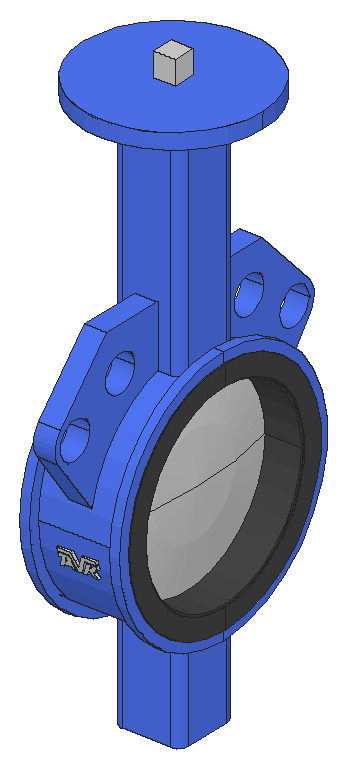
Revit family "820-00-024 DN65-100", category Pipe Accessories, Revit 2022
Family settings
  Round Connector Dimension = Use Diameter
  Part Type = Valve - Breaks Into
  Work Plane-Based = No
  Always vertical = Yes
  Cut with Voids When Loaded = No
  Shared = No
Parameters (values of type "DN100_PN10/16")
  fillet = 2 * Body_wallthickness  # 20 mm
  disk = LUG_T * 0.75  # 18.75 mm
  Wafer_dim1 = H2 * 0.8  # 88 mm
  Wafer_dim = L2 * 0.6  # 48.6 mm
  W2_ref = size_lookup(Search_table, "W2", 0 mm, DN)  # 180 mm
  URL product pages = "https://www.avkvalves.com/P.aspx?no=820006500521L0160002"
  Search_table = "820-00-024 DN65-100"
  PCD = size_lookup(Search_table, "PCD", 0 mm, DN) / 2  # 90 mm
  Lug_D = (Hole_dia / 2) * 1.4  # 13.3 mm
  L_ref_3 = L_ref / 1.2  # 28.333 mm
  L_ref_2 = L_ref * 2  # 68 mm
  L_ref = [L-2] - (Flange_thickness * 2)  # 34 mm
  LUG_T = [L-2] * 0.5  # 25 mm
  L2 = size_lookup(Search_table, "L2", 0 mm, DN) / 2  # 81 mm
  L-2 = size_lookup(Search_table, "L", 0 mm, DN) - 2 mm  # 50 mm
  L = size_lookup(Search_table, "L", 0 mm, DN)  # 52 mm
  ID = DN / 2  # 50 mm
  Hole_dia = size_lookup(Search_table, "Hole_dia", 0 mm, DN)  # 19 mm
  Hole_L1 = H2 * 0.6  # 66 mm
  Hole_L = L2 / 2  # 40.5 mm
  H2 = size_lookup(Search_table, "H2", 0 mm, DN)  # 110 mm
  Flange_thickness = size_lookup(Search_table, "Flange_Thickness", 0 mm, DN)  # 8 mm
  FL_T = Body_wallthickness + Body_wallthickness * 0.5  # 15 mm
  FL_R = ID + Body_wallthickness  # 60 mm
  F2 = size_lookup(Search_table, "F2", 0 mm, DN)  # 12 mm
  F = size_lookup(Search_table, "F", 0 mm, DN)  # 11 mm
  EPDM_R = Bore + Body_wallthickness  # 60 mm
  EPDM = ID - 1 mm  # 49 mm
  Description_ = "AVK CENTRIC BUTTERFLY VALVE WAFER TYPE, PN10/16"
  Default Elevation = 0 mm
  DN = 100 mm
  Bore = DN / 2  # 50 mm
  Body_wallthickness = 10 mm  # constant formula
  DN100_PN10/16 = "820-0100-00-521L0160002"
  DN80_PN10/16 = "820-0080-00-521L0160002"
  DN65_PN10/16 = "820-0065-00-521L0160002"
  Actuator_Dia = size_lookup(Search_table, "Actuator_Dia", 0 mm, DN)  # 90 mm
  90 = 90 mm  # constant formula
  1 = 1 mm  # constant formula
Types (4, lengths in mm): name | disk | Wafer_dim1 | Wafer_dim | W2_ref | PCD | L_ref_3 | L_ref_2 | L_ref | LUG_T | L2 | L-2 | L | ID | Hole_L1 | Hole_L | H2 | Flange_thickness | FL_R | EPDM_R | EPDM | DN | Bore | Actuator_Dia
  (no name) | 18.75 | 88 | 48.6 | 180 | 90 | 28.333 | 68 | 34 | 25 | 81 | 50 | 52 | 50 | 66 | 40.5 | 110 | 8 | 60 | 60 | 49 | 100 | 50 | 90
  DN65_PN10/16 | 16.5 | 65.6 | 41.4 | 150 | 72.5 | 25 | 60 | 30 | 22 | 69 | 44 | 46 | 32.5 | 49.2 | 34.5 | 82 | 7 | 42.5 | 42.5 | 31.5 | 65 | 32.5 | 65
  DN80_PN10/16 | 16.5 | 73.6 | 42.6 | 160 | 80 | 23.333 | 56 | 28 | 22 | 71 | 44 | 46 | 40 | 55.2 | 35.5 | 92 | 8 | 50 | 50 | 39 | 80 | 40 | 65
  DN100_PN10/16 | 18.75 | 88 | 48.6 | 180 | 90 | 28.333 | 68 | 34 | 25 | 81 | 50 | 52 | 50 | 66 | 40.5 | 110 | 8 | 60 | 60 | 49 | 100 | 50 | 90
Reference planes
  plane 1 "Center (Front/Back)": y = 0
  plane 2: z = 0
  plane 3 "Center (Left/Right)": x = 0
  plane 4: z = 180
  plane 5: z = -110
  plane 6: y = 17
  plane 7: x = -17
  plane 8: y = -17
  plane 9: x = 17
  plane 10: x = -12
  plane 11: x = 12
  plane 12: y = -12
  plane 13: y = -12
  plane 14: x = -12
  plane 15: x = 12
  plane 16: y = 12
  plane 17: y = 12
  plane 18: z = 192
  plane 19: z = 50
  plane 20: z = -50
  plane 21: y = -81
  plane 22: y = 81
  plane 23: x = -25
  plane 24: x = 25
  plane 25: x = -12.5
  plane 26: x = 12.5
  plane 27: x = -12.5
  plane 28: x = 12.5
  plane 29: x = -12.5
  plane 30: x = 12.5
  plane 31: x = 5.5
  plane 32: x = -5.5
  plane 33: y = 45
  plane 34: y = -45
  plane 35: x = -25
  plane 36: x = 25
  plane 37: x = -45
  plane 38: x = 45
  plane 39: x = -26
  plane 40: x = 26
  plane 41: z = -50
Forms (mm)
  Revolve 1, solid, material "Plastic"
    sketch origin (0, 0, 0) x (1, 0, 0) y (0, 1, 0)
      loop
        line (-25, 60) -> (-25, 50) -> (25, 50) -> (25, 60) -> (-25, 60)
      axis (-25, 0) -> (25, 0)
    angle from 0 to 360
  Extrusion 2, solid, material "Plastic"
    sketch origin (0, 0, 0) x (1, 0, 0) y (0, 1, 0)
      loop
        arc (-12, 17) -> (-15.536, 15.536) -> (-17, 12) r 5
        line (-17, 12) -> (-17, -12)
        arc (-17, -12) -> (-15.536, -15.536) -> (-12, -17) r 5
        line (-12, -17) -> (12, -17)
        arc (12, -17) -> (15.536, -15.536) -> (17, -12) r 5
        line (17, -12) -> (17, 12)
        arc (17, 12) -> (15.536, 15.536) -> (12, 17) r 5
        line (12, 17) -> (-12, 17)
    from -110 to 172
  Extrusion 3, solid, material "Plastic"
    sketch origin (0, 0, 0) x (1, 0, 0) y (0, 1, 0)
      loop
        circle (0, 0) r 45
    from 172 to 180
  Extrusion 4, solid, material "Stainless Steel AISI 304"
    sketch origin (0, 0, 0) x (1, 0, 0) y (0, 1, 0)
      loop
        line (-5.5, 5.5) -> (-5.5, -5.5) -> (5.5, -5.5) -> (5.5, 5.5) -> (-5.5, 5.5)
    from 180 to 192
  Revolve 5, void
    sketch origin (0, 0, 0) x (1, 0, 0) y (0, 1, 0)
      loop
        line (-25, 50) -> (-25, 0) -> (25, 0) -> (25, 50) -> (-25, 50)
      axis (-25, 0) -> (25, 0)
    angle from 0 to 360
  Revolve 6, solid, material "Stainless Steel AISI 304"
    sketch origin (0, 0, 0) x (1, 0, 0) y (0, 1, 0)
      loop
        line (-12.5, 0) -> (12.5, 0)
        arc (12.5, 0) -> (10.939, 25.195) -> (6.25, 50) r 202.204
        line (6.25, 50) -> (-6.25, 50)
        arc (-6.25, 50) -> (-10.939, 25.195) -> (-12.5, 0) r 202.204
      axis (-12.5, 0) -> (12.5, 0)
    angle from 0 to 360
  Revolve 7, solid, material "Default Wall"
    sketch origin (0, 0, 0) x (1, 0, 0) y (0, 1, 0)
      loop
        line (-25, 50) -> (-25, 49) -> (25, 49) -> (25, 50) -> (-25, 50)
      axis (25, 0) -> (-25, 0)
    angle from 0 to 360
  Revolve 8, solid, material "Default Wall"
    sketch origin (0, 0, 0) x (1, 0, 0) y (0, 0, 1)
      loop
        line (-25, 60) -> (-26, 60) -> (-26, 50) -> (-25, 50) -> (-25, 60)
      loop
        line (25, 60) -> (25, 50) -> (26, 50) -> (26, 60) -> (25, 60)
      axis (-26, 0) -> (26, 0)
    angle from 0 to 360
  Extrusion 9, solid, material "Plastic"
    sketch origin (0, 0, 0) x (0, 1, 0) y (0, 0, 1)
      loop
        line (0, 88) -> (-48.6, 88) -> (-77.734, 56.713)
        arc (-77.734, 56.713) -> (-80.978, 49.142) -> (-78.662, 41.236) r 12.181
        line (-78.662, 41.236) -> (-48.6, 0) -> (0, 0) -> (0, 88)
      loop
        circle (-68.819, 48.412) r 9.5
      loop
        circle (-40.5, 66) r 9.5
    from -5.5 to 5.5
  Extrusion 10, solid, material "Plastic"
    sketch origin (0, 0, 0) x (0, -1, 0) y (0, 0, -1)
      loop
        line (0, -88) -> (0, 0) -> (-48.6, 0) -> (-78.662, -41.236)
        arc (-78.662, -41.236) -> (-80.978, -49.142) -> (-77.734, -56.713) r 12.181
        line (-77.734, -56.713) -> (-48.6, -88) -> (0, -88)
      loop
        circle (-68.819, -48.412) r 9.5
      loop
        circle (-40.5, -66) r 9.5
    from -5.5 to 5.5
  Revolve 11, solid, material "Plastic"
    sketch origin (0, 0, 0) x (1, 0, 0) y (0, 0, 1)
      loop
        line (25, -60) -> (20.199, -60) -> (20.199, -65) -> (25, -65) -> (25, -60)
      loop
        line (-25, -60) -> (-25, -65) -> (-20.199, -65) -> (-20.199, -60) -> (-25, -60)
      axis (25, 0) -> (-25, 0)
    angle from 0 to 360
Cuts and joins
  Revolve 5 cuts Revolve 1
  Revolve 5 cuts Extrusion 2
Dimensions and locks
  equal spacing: Revolve 1 sketch curve, plane 3 "Center (Left/Right)", Revolve 1 sketch curve
  "ID": plane 1 "Center (Front/Back)" to Revolve 1 sketch curve
  "Body_wallthickness": Revolve 1 sketch curve to Revolve 1 sketch curve
  "W2_ref": plane 4 to level
  "H2": level to plane 5
  locked: plane 7 to plane 10 at 5
  locked: plane 11 to plane 9 at 5
  locked: plane 6 to plane 16 at 5
  locked: plane 12 to plane 8 at 5
  locked: plane 15 to plane 9 at 5
  locked: plane 7 to plane 14 at 5
  locked: plane 13 to plane 8 at 5
  locked: plane 17 to plane 6 at 5
  equal spacing: plane 7, plane 3 "Center (Left/Right)", plane 9
  "L_ref": plane 7 to plane 9
  equal spacing: plane 6, plane 1 "Center (Front/Back)", plane 8
  "L_ref": plane 6 to plane 8
  "Flange_thickness": plane 4 to Extrusion 3
  "F2": plane 18 to plane 4
  equal spacing: plane 19, level, plane 20
  "ID": plane 19 to level
  "L2": plane 1 "Center (Front/Back)" to plane 21
  equal spacing: plane 22, plane 1 "Center (Front/Back)", plane 21
  plane 18 to plane 4 = 12 mm
  equal spacing: Extrusion 4 sketch curve, plane 3 "Center (Left/Right)", Extrusion 4 sketch curve
  equal spacing: Extrusion 4 sketch curve, plane 1 "Center (Front/Back)", Extrusion 4 sketch curve
  "F": Extrusion 4 sketch curve to Extrusion 4 sketch curve  (x2)
  equal spacing: plane 24, plane 3 "Center (Left/Right)", plane 23
  "L-2": plane 24 to plane 23
  equal spacing: Revolve 5 sketch curve, plane 3 "Center (Left/Right)", Revolve 5 sketch curve
  "L-2": Revolve 5 sketch curve to Revolve 5 sketch curve
  "ID": plane 1 "Center (Front/Back)" to Revolve 5 sketch curve
  "L-2": Revolve 1 sketch curve to Revolve 1 sketch curve
  "Flange_thickness": plane 4 to cut or joined group of Extrusion 2, Revolve 5
  equal spacing: plane 23, Extrusion 3 sketch curve, plane 24
  equal spacing: plane 21, Extrusion 3 sketch curve, plane 22
  equal spacing: plane 26, plane 3 "Center (Left/Right)", plane 25
  "LUG_T": plane 26 to plane 25
  equal spacing: Revolve 7 sketch curve, plane 3 "Center (Left/Right)", Revolve 7 sketch curve
  "EPDM": plane 1 "Center (Front/Back)" to Revolve 7 sketch curve
  "ID": plane 1 "Center (Front/Back)" to Revolve 7 sketch curve
  "ID": plane 1 "Center (Front/Back)" to Revolve 6 sketch curve
  equal spacing: plane 24, nested 1, plane 23
  equal spacing: Revolve 6 sketch curve, plane 3 "Center (Left/Right)", Revolve 6 sketch curve  (x2)
  equal spacing: plane 27, plane 3 "Center (Left/Right)", plane 28
  "LUG_T": plane 27 to plane 28
  "LUG_T": plane 27 to Revolve 6 sketch curve
  "disk": Revolve 6 sketch curve to plane 28
  equal spacing: plane 30, plane 3 "Center (Left/Right)", plane 29
  "LUG_T": plane 30 to plane 29
  plane 22 to plane 21 = 162 mm
  plane 24 to plane 23 = 50 mm
  equal spacing: plane 31, plane 3 "Center (Left/Right)", plane 32
  "F": plane 32 to plane 31
  equal spacing: plane 33, plane 1 "Center (Front/Back)", plane 34
  "Actuator_Dia": plane 33 to plane 34
  "Bore": Revolve 8 sketch curve to level
  equal spacing: plane 36, plane 3 "Center (Left/Right)", plane 35
  "L-2": plane 36 to plane 35
  "1": plane 35 to Revolve 8 sketch curve
  "EPDM_R": Revolve 8 sketch curve to level
  equal spacing: Revolve 8 sketch curve, plane 3 "Center (Left/Right)", Revolve 8 sketch curve
  equal spacing: plane 38, plane 3 "Center (Left/Right)", plane 37
  "Actuator_Dia": plane 37 to plane 38
  equal spacing: plane 40, plane 3 "Center (Left/Right)", plane 39
  "L": plane 40 to plane 39
  "Wafer_dim1": Extrusion 9 sketch curve to level
  equal spacing: Extrusion 9, plane 3 "Center (Left/Right)", Extrusion 9
  "Hole_L": plane 1 "Center (Front/Back)" to Extrusion 9 sketch curve
  "Hole_L1": Extrusion 9 sketch curve to level
  "Wafer_dim": plane 1 "Center (Front/Back)" to Extrusion 9 sketch curve  (x2)
  "L2": Extrusion 9 sketch curve to Extrusion 9 sketch curve
  Extrusion 10 to Extrusion 10 = 11 mm
  "L2": Extrusion 10 sketch curve to Extrusion 10 sketch curve
  "Hole_L": Extrusion 10 sketch curve to plane 1 "Center (Front/Back)"
  "Hole_L1": Extrusion 10 sketch curve to level
  "Wafer_dim": Extrusion 10 sketch curve to plane 1 "Center (Front/Back)"
  "Wafer_dim": Extrusion 10 sketch curve to Extrusion 10 sketch curve
  "Wafer_dim1": Extrusion 10 sketch curve to level
  equal spacing: Extrusion 10, plane 3 "Center (Left/Right)", Extrusion 10
  equal spacing: Revolve 11 sketch curve, plane 3 "Center (Left/Right)", Revolve 11 sketch curve  (x2)
  "ID": plane 41 to level
  "Body_wallthickness": Revolve 11 sketch curve to plane 41
  "FL_T": Revolve 11 sketch curve to plane 41
  "Actuator_Dia": diameter of Extrusion 3 sketch curve
  "Hole_dia": diameter of Extrusion 9 sketch curve  (x2)
  "Hole_dia": diameter of Extrusion 10 sketch curve  (x2)
  aligned and locked: level to plane 2
  aligned and locked: plane 1 "Center (Front/Back)" to Revolve 1 sketch curve
  aligned and locked: plane 11 to Extrusion 2 sketch curve
  aligned and locked: plane 6 to Extrusion 2 sketch curve  (x2)
  aligned and locked: plane 16 to Extrusion 2 sketch curve
  aligned and locked: plane 9 to Extrusion 2 sketch curve  (x2)
  aligned and locked: plane 12 to Extrusion 2 sketch curve
  aligned and locked: plane 8 to Extrusion 2 sketch curve  (x2)
  aligned and locked: plane 15 to Extrusion 2 sketch curve
  aligned and locked: plane 14 to Extrusion 2 sketch curve
  aligned and locked: plane 7 to Extrusion 2 sketch curve  (x2)
  aligned and locked: plane 13 to Extrusion 2 sketch curve
  aligned and locked: plane 17 to Extrusion 2 sketch curve
  aligned and locked: plane 10 to Extrusion 2 sketch curve
  aligned and locked: Extrusion 2 to plane 5
  aligned and locked: Extrusion 3 to plane 4
  aligned and locked: plane 18 to Extrusion 4
  aligned and locked: plane 4 to Extrusion 4
  aligned and locked: Revolve 5 sketch curve to plane 1 "Center (Front/Back)"
  aligned and locked: plane 1 "Center (Front/Back)" to Revolve 5 sketch curve
  aligned and locked: Revolve 6 sketch curve to plane 1 "Center (Front/Back)"
  aligned and locked: plane 23 to Revolve 7 sketch curve
  aligned and locked: Revolve 7 sketch curve to plane 1 "Center (Front/Back)"
  aligned and locked: plane 35 to Revolve 8 sketch curve
  aligned and locked: Revolve 8 sketch curve to plane 36
  aligned and locked: plane 19 to Revolve 8 sketch curve
  aligned and locked: Revolve 8 sketch curve to Revolve 8 sketch curve
  aligned and locked: Revolve 8 sketch curve to level
  aligned and locked: Extrusion 9 sketch curve to plane 1 "Center (Front/Back)"
  aligned and locked: Extrusion 9 sketch curve to level
  aligned and locked: Extrusion 9 to plane 32
  aligned and locked: level to Extrusion 10 sketch curve
  aligned and locked: Extrusion 10 sketch curve to plane 1 "Center (Front/Back)"
  aligned and locked: Extrusion 10 to plane 32
  aligned and locked: Revolve 11 sketch curve to Revolve 11 sketch curve  (x2)
  aligned and locked: Revolve 11 sketch curve to plane 24
  aligned and locked: Revolve 11 sketch curve to level
Automatic sketch dimensions
  Revolve 1 sketch curve to plane 23 = 0 mm
  Revolve 1 sketch curve to plane 24 = 0 mm
  Revolve 5 sketch curve to plane 37 = 40.113 mm
  Revolve 5 sketch curve to plane 38 = 46.639 mm
  plane 1 "Center (Front/Back)" to Revolve 6 sketch curve = 0 mm
  Revolve 6 sketch curve to plane 1 "Center (Front/Back)" = 0.115 mm  (x2)
  Revolve 6 sketch curve to Revolve 6 sketch curve = 0.465 mm
  Revolve 6 sketch curve to Revolve 6 sketch curve = 0.194 mm
  Revolve 7 sketch curve to plane 38 = 18.036 mm
  Revolve 7 sketch curve to Revolve 7 sketch curve = 12.301 mm
  Revolve 8 sketch curve to plane 37 = 14.325 mm
  Revolve 8 sketch curve to plane 38 = 30.809 mm
  Extrusion 9 sketch curve to Extrusion 9 sketch curve = 0 mm  (x2)
  Extrusion 9 sketch curve to plane 19 = 1.588 mm
  Extrusion 9 sketch curve to plane 21 = 12.181 mm
  Extrusion 10 sketch curve to Extrusion 10 sketch curve = 0 mm  (x2)
  Extrusion 10 sketch curve to plane 19 = 1.588 mm
  plane 22 to Extrusion 10 sketch curve = 12.181 mm
  plane 23 to Revolve 11 sketch curve = 4.801 mm
  Revolve 11 sketch curve to plane 37 = 48.089 mm
  Revolve 11 sketch curve to plane 38 = 11.911 mm
Nested families
  nested 1: "Latest New 3" at (0, -57.501, -17.136) x (1, 0, 0) z (0, -0.9583, -0.2856), type "Latest New 3"
Connectors
  piping at (25, 0, 0), diameter 100, driven by "DN"
    settings: on Revolve 1, index 1, connector inside diameter 609.6 mm, connector length 0 mm, flow factor 0, pipe flow 0.0 L/s, pressure drop 0.0 Pa, fitting loss kfactor 0, connector angle 0.00°, fixture units 0, engagement length 0 mm, angle of deflection 0.00°, flow configuration 0, flow direction 0, fitting loss method 0, system type 7, joint type 0, gender type 0, connector reference index -1, connector utility 0, adjustable connector no, is connector primary yes, connector description ""
  piping at (-25, 0, 0), diameter 100, driven by "DN"
    settings: on cut or joined group of Revolve 1, Revolve 5, index 2, connector inside diameter 609.6 mm, connector length 0 mm, flow factor 0, pipe flow 0.0 L/s, pressure drop 0.0 Pa, fitting loss kfactor 0, connector angle 0.00°, fixture units 0, engagement length 0 mm, angle of deflection 0.00°, flow configuration 0, flow direction 0, fitting loss method 0, system type 7, joint type 0, gender type 0, connector reference index -1, connector utility 0, adjustable connector no, is connector primary no, connector description ""
Definition of nested family "Latest New 3"
  Parameters
    Default Elevation = 1219.2 mm
  Reference planes
    plane 1 "Center (Front/Back)": y = 0
    plane 2: z = 0
    plane 3 "Center (Left/Right)": x = 0
  Forms (mm)
    Extrusion 1, solid
      sketch origin (0, 0, 0) x (1, 0, 0) y (0, 1, 0)
        loop
          line (-1219.2, 1219.2) -> (-1219.2, -1219.2) -> (1219.2, -1219.2) -> (1219.2, 1219.2) -> (-1219.2, 1219.2)
      from 0 to -304.8
    Extrusion 2, solid
      sketch origin (0, 0, 0) x (1, 0, 0) y (0, 1, 0)
        loop
          line (-2.683, 9.413) -> (-9.884, 9.413) -> (-9.884, 7.46) -> (-4.022, 7.46) -> (-0.985, 0) -> (0.985, 0) -> (4.022, 7.46) -> (9.884, 7.46) -> (9.884, 9.413) -> (2.683, 9.413) -> (0, 2.824) -> (-2.683, 9.413)
        loop
          line (-4.528, 6.707) -> (-9.884, 6.707) -> (-9.884, 4.824) -> (-8.032, 4.824) -> (-9.884, 0) -> (-7.792, 0) -> (-7.394, 1.035) -> (-4.328, 1.035) -> (-3.907, 0) -> (-1.798, 0) -> (-4.528, 6.707)
        loop
          line (-6.91, 2.824) -> (-5.056, 2.824) -> (-6.01, 5.167) -> (-6.91, 2.824)
        loop
          line (1.798, 0) -> (3.907, 0) -> (4.98, 2.637) -> (6.968, 0) -> (9.413, 0) -> (7.166, 2.983)
          arc (7.166, 2.983) -> (8.216, 3.774) -> (9.007, 4.824) r 4.724
          line (9.007, 4.824) -> (9.884, 4.824) -> (9.884, 6.707) -> (8.001, 6.707)
          arc (8.001, 6.707) -> (7.315, 5.008) -> (5.642, 4.261) r 2.448
          line (5.642, 4.261) -> (6.637, 6.707) -> (4.528, 6.707) -> (1.798, 0)
      from 0 to 1
  Dimensions and locks
    aligned and locked: plane 2 to Extrusion 1
    aligned and locked: level to Extrusion 1
    aligned and locked: Extrusion 2 sketch curve to import instance  (x30)
